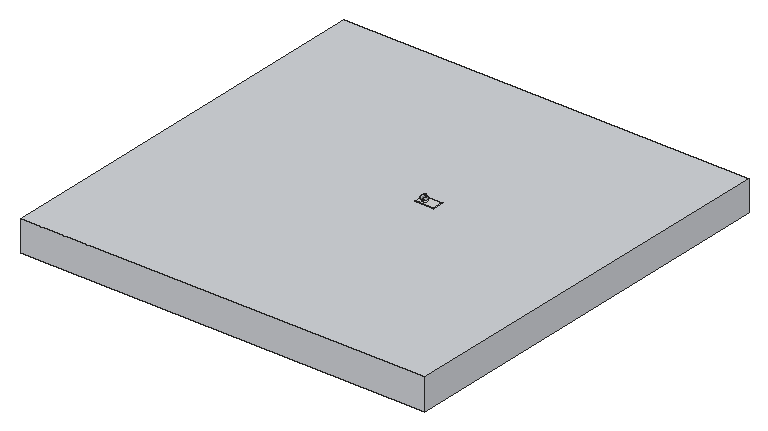
Revit family "HL_Стиральная устройство_HL405ECO", category Instalační zařizovací předměty, Revit 2016
Family settings
  Hostitel = Plocha
  Typ součásti = Normální
  Kóta kulaté spojky = Použít průměr
  Číslo OmniClass = 23.70.50.21.37
  Nadpis OmniClass = Valves for Removal Systems
  Ořezat dutým tvarem při načtení = Ne
  Sdílené = Ano
  Bod výpočtu místnosti = Ne
Parameters (values of type "HL405ECO")
  РАЗМЕР = "DN40/50"
  ПРОПУСКНАЯ СПОСОБНОСТЬ [instance] = 0 L/s
  ПРОИЗВОДИТЕЛЬНОСТЬ = "0,38 l/s"
  ПРАВОВАЯ ИНФОРМАЦИЯ = "Авторские права(©), права на дизайн или какие либо другие права интелектуальной собственности являются исключительной собственностью компании HL Hutterer & Lechner. Изменению не подлежит. Файл семейства с данными о прозводителе изделия защищен паролем с водяным знаком."  # constant formula
  НОМИНАЛЬНЫЙ ДИАМЕТР [instance] = 50 mm
  МАТЕРИАЛ = "PE/ V2A"
  ГЛУБИНА МОНТАЖА = "70-120 mm"
  ВЕС = "0,44 [kg]"
  Výrobce = "HL Hutterer & Lechner GmbH"  # constant formula
  URL = "http://www.hutterer-lechner.com/ru/Products/catalog/washing-devices/products/HL405ECO.aspx"
  Výchozí výška = 600 mm
  Popis = "Стиральная устройство"
  Model = "HL405ECO"
  Komentáře k typům = "Встроенный сифон для стиральной и посудомоечной машины DN40/50 со строительными пробками-заглушками HL42.В, со специальной монтажной плитой для укрепления деталей для водоснобжения,с соединительным коленом 3/4\" HL19.C и с декоративной плитой из нержавеющей стали 110 х 190 мм. Глубина монтажа: 70мм. Строительная защита во время монтажа в комплекте."
  Keynote = "HL405ECO"
  глубина монтажа [instance] = 120 mm
  EAN = "9003076015672"
  E [instance] = НОМИНАЛЬНЫЙ ДИАМЕТР = 50 mm  # yes
  D [instance] = if(or(глубина монтажа < 70 mm, глубина монтажа > 120 mm), 0 mm, 55 mm)  # 55 mm
  C [instance] = if(or(НОМИНАЛЬНЫЙ ДИАМЕТР = 50 mm, НОМИНАЛЬНЫЙ ДИАМЕТР = 40 mm), 50 mm, 0 mm)  # 50 mm
  B [instance] = if(НОМИНАЛЬНЫЙ ДИАМЕТР = 50 mm, 0 mm, 5 mm)  # 0 mm
  A [instance] = if(НОМИНАЛЬНЫЙ ДИАМЕТР = 50 mm, 190 mm, 140 mm)  # 190 mm
Types (2, lengths in mm): name | URL | Popis | Komentáře k typům
  (no name) | "http://www.hutterer-lechner.com/en/Products/catalog/washing-devices/attachments/HL405ECO.aspx" | "Washing devices" | "Recessed washing device trap DN40/50 with special mounting plate for the use of different water feeds of leading suppliers, appliance hose connector 3/4' chrome plated HL19.C and stainless steel coverplate 110 x 190 mm. Minimum installation depth 70 mm. Comes with thread cover."
  HL405ECO | "http://www.hutterer-lechner.com/ru/Products/catalog/washing-devices/products/HL405ECO.aspx" | "Стиральная устройство" | "Встроенный сифон для стиральной и посудомоечной машины DN40/50 со строительными пробками-заглушками HL42.В, со специальной монтажной плитой для укрепления деталей для водоснобжения,с соединительным коленом 3/4\" HL19.C и с декоративной плитой из нержавеющей стали 110 х 190 мм. Глубина монтажа: 70мм. Строительная защита во время монтажа в комплекте."
Reference planes
  plane 1 "Center (Front/Back)": y = 0.876
  plane 2: z = 0
  plane 3 "Center (Left/Right)": x = 0.872
  plane 4 "PP": z = -87.504
  plane 5 "IH": z = -120
Forms (mm)
  Extrusion 1, solid
    sketch origin (-264.332, -171.703, 0) x (1, 0, 0) y (0, 1, 0)
      loop
        line (-2000, 2000) -> (-2000, -2000) -> (2000, -2000) -> (2000, 2000) -> (-2000, 2000)
    from 0 to -304.8
  Extrusion 2, solid, material "Plactic - Black", detail levels fine
    sketch origin (0, 0, -120) x (0, 1, 0) y (-1, 0, 0)
      loop
        arc (-10.58, -38.677) -> (40.382, -5.977) -> (0.928, 39.954) r 40.122
        line (0.928, 39.954) -> (-71.092, 39.954)
        arc (-71.092, 39.954) -> (-80.089, 36.68) -> (-84.876, 28.388) r 13.996
        line (-84.876, 28.388) -> (-87.332, 14.457) -> (-87.332, -22.206)
        arc (-87.332, -22.206) -> (-86.514, -24.456) -> (-84.44, -25.653) r 3.5
        line (-84.44, -25.653) -> (-10.58, -38.677)
    from 12.5 to 57.5
  Extrusion 3, solid, material "Plactic - Black", detail levels fine
    sketch origin (0, 0, -120) x (0, 1, 0) y (-1, 0, 0)
      loop
        arc (28.38, 108.461) -> (26.915, 111.997) -> (23.38, 113.461) r 5
        line (23.38, 113.461) -> (-23.62, 113.461)
        arc (-23.62, 113.461) -> (-27.156, 111.997) -> (-28.62, 108.461) r 5
        line (-28.62, 108.461) -> (-28.62, 51.225)
        arc (-28.62, 51.225) -> (-29.07, 49.159) -> (-30.339, 47.468) r 4.965
        arc (-30.339, 47.468) -> (-56.917, 7.097) -> (-43.694, -39.393) r 58.014
        line (-43.694, -39.393) -> (-55.119, -82.04) -> (-55.121, -107.04)
        arc (-55.121, -107.04) -> (-54.242, -109.161) -> (-52.121, -110.04) r 3
        line (-52.121, -110.04) -> (51.879, -110.04)
        arc (51.879, -110.04) -> (54, -109.161) -> (54.879, -107.04) r 3
        line (54.879, -107.04) -> (54.877, -82.04) -> (43.452, -39.393)
        arc (43.452, -39.393) -> (56.868, 6.157) -> (31.707, 46.427) r 57.908
        arc (31.707, 46.427) -> (29.293, 48.306) -> (28.38, 51.225) r 5.123
        line (28.38, 51.225) -> (28.38, 108.461)
    from 0 to 12.5
  Revolve 4, solid, material "Plactic - Black", visible <- "E", detail levels fine
    sketch origin (0, 0.381, -87.504) x (-1, 0, 0) y (0, -1, 0)
      loop
        line (-25.714, 189.505) -> (-25.714, 139.505) -> (-0.872, 139.505) -> (-0.872, 189.505) -> (-25.714, 189.505)
      axis (-0.872, 189.505) -> (-0.872, 139.505)
    angle from 0 to 360
  Revolve 5, solid, material "Plactic - Black", detail levels fine
    sketch origin (0, 0, -87.504) x (-1, 0, 0) y (0, -1, 0)
      loop
        line (-25.714, 139.124) -> (-25.714, 84.124) -> (-5.872, 84.124) -> (-5.872, 139.124) -> (-25.714, 139.124)
      axis (-5.872, 139.124) -> (-5.872, 84.124)
    angle from 0 to 360
  Extrusion 6, solid, material "Plactic - Black", detail levels fine
    sketch origin (0, 0, -120) x (0, 1, 0) y (-1, 0, 0)
      loop
        circle (-53.223, 6.635) r 17
    from 57.5 to 67.5
  Extrusion 7, solid, material "Plactic - Black", detail levels fine
    sketch origin (0, 0, 0) x (1, 0, 0) y (0, 1, 0)
      loop
        circle (0.872, 0.876) r 17
    from -62.5 to 0
  Blend 8, solid, material "Metal - steel", detail levels fine
    base sketch origin (0, 0, 0) x (1, 0, 0) y (0, 1, 0)
      loop
        line (-54.128, 55.876) -> (-54.128, -54.124) -> (135.872, -54.124) -> (135.872, 55.876) -> (-54.128, 55.876)
    top sketch origin (0, 0, 0) x (1, 0, 0) y (0, 1, 0)
      loop
        line (-48.127, 49.877) -> (-48.127, -48.123) -> (129.873, -48.123) -> (129.873, 49.877) -> (-48.127, 49.877)
    from 0 to 5
  Revolve 9, solid, material "Plactic - White", detail levels fine
    sketch origin (0.872, 0.877, -29) x (0, 0, -1) y (0, 1, 0)
      loop
        line (-52, 0) -> (-52, -15.004) -> (-42, -15.004) -> (-42, -24.074) -> (-34, -24.074) -> (-34, 0) -> (-52, 0)
      axis (-52, 0) -> (-34, 0)
    angle from 0 to 360
Cuts and joins
  joined: Extrusion 2, Revolve 5
Lines and regions (mm)
  reference lines
    curve 1: line (0.872, -189.124, -87.504) -> (0.872, 0.876, -87.504)
  model lines, style "Logo", detail levels fine
    curve 2: line (111.356, -38.057, 5) -> (111.356, -45.057, 5)
    curve 3: line (111.356, -41.557, 5) -> (115.79, -41.557, 5)
    curve 4: line (115.79, -38.057, 5) -> (115.79, -45.057, 5)
    curve 5: line (118.183, -38.057, 5) -> (118.183, -45.057, 5)
    curve 6: line (118.183, -45.057, 5) -> (122.286, -45.057, 5)
  model lines, detail levels coarse+medium
    curve 7: line (0.872, -189.124, -87.504) -> (0.872, 0.876, -87.504)
    curve 8: line (0.872, 0.876, -87.504) -> (0.872, 0.876, 45.1)
    curve 9: line (0.872, 0.876, 45.1) -> (0.872, -56.626, 45.1)
  symbolic lines, style "PlumbingFixtures", detail levels coarse+medium
    curve 10: line (0.872, 0.876, 0) -> (0.872, 0.876, 105)
    curve 11: line (40.872, 0.876, 65) -> (-39.128, 0.876, 65)
Dimensions and locks
  locked: plane 5 "IH" to plane 4 "PP" at 32.496
  "глубина монтажа": plane 2 to plane 5 "IH"
  "D": Revolve 5 sketch curve to Revolve 5 sketch curve
  "C": Revolve 4 sketch curve to Revolve 4 sketch curve
  "A": curve 1 to plane 1 "Center (Front/Back)"
  "B": plane 3 "Center (Left/Right)" to curve 1
  aligned and locked: Extrusion 1 to plane 2
  aligned and locked: level to Extrusion 1
  aligned and locked: plane 2 to Extrusion 7
  aligned and locked: Extrusion 7 to Extrusion 6
Automatic sketch dimensions
  Extrusion 1 sketch curve to Extrusion 1 sketch curve = 4000 mm  (x2)
  plane 1 "Center (Front/Back)" to Extrusion 3 sketch curve = 55.997 mm
  Extrusion 3 sketch curve to Extrusion 3 sketch curve = 0.002 mm
  Extrusion 3 sketch curve to Extrusion 3 sketch curve = 3 mm  (x2)
  Extrusion 3 sketch curve to Extrusion 3 sketch curve = 11.425 mm
  plane 1 "Center (Front/Back)" to Extrusion 3 sketch curve = 34.462 mm
  Extrusion 3 sketch curve to Extrusion 3 sketch curve = 4.965 mm
  Extrusion 3 sketch curve to Extrusion 3 sketch curve = 5 mm
  Extrusion 3 sketch curve to Extrusion 3 sketch curve = 0 mm  (x5)
  plane 1 "Center (Front/Back)" to Extrusion 3 sketch curve = 1.382 mm
  plane 1 "Center (Front/Back)" to Extrusion 3 sketch curve = 0.454 mm
  Extrusion 3 sketch curve to plane 1 "Center (Front/Back)" = 22.503 mm
  Extrusion 3 sketch curve to plane 1 "Center (Front/Back)" = 27.503 mm
  Extrusion 3 sketch curve to Extrusion 3 sketch curve = 5.123 mm
  Extrusion 3 sketch curve to plane 1 "Center (Front/Back)" = 42.576 mm
  Extrusion 3 sketch curve to plane 1 "Center (Front/Back)" = 51.003 mm
  Extrusion 3 sketch curve to Extrusion 3 sketch curve = 2.998 mm
  plane 3 "Center (Left/Right)" to Extrusion 3 sketch curve = 109.167 mm
  Extrusion 3 sketch curve to Extrusion 3 sketch curve = 25 mm  (x2)
  plane 3 "Center (Left/Right)" to Extrusion 3 sketch curve = 38.52 mm  (x2)
  plane 3 "Center (Left/Right)" to Extrusion 3 sketch curve = 0.846 mm
  plane 3 "Center (Left/Right)" to Extrusion 3 sketch curve = 0.823 mm
  Extrusion 3 sketch curve to plane 3 "Center (Left/Right)" = 52.097 mm  (x2)
  Extrusion 3 sketch curve to Extrusion 3 sketch curve = 57.236 mm
  Extrusion 6 sketch curve to plane 3 "Center (Left/Right)" = 7.507 mm
  plane 1 "Center (Front/Back)" to Extrusion 6 sketch curve = 54.1 mm
  plane 3 "Center (Left/Right)" to Extrusion 2 sketch curve = 21.334 mm
  plane 1 "Center (Front/Back)" to Extrusion 2 sketch curve = 88.209 mm
  Extrusion 2 sketch curve to plane 3 "Center (Left/Right)" = 29.261 mm
  Extrusion 2 sketch curve to Extrusion 2 sketch curve = 2.456 mm
  plane 3 "Center (Left/Right)" to Extrusion 2 sketch curve = 24.781 mm
  Extrusion 2 sketch curve to Extrusion 2 sketch curve = 2.892 mm
  Extrusion 2 sketch curve to Extrusion 2 sketch curve = 3.5 mm
  Extrusion 2 sketch curve to Extrusion 2 sketch curve = 13.784 mm
  plane 1 "Center (Front/Back)" to Extrusion 2 sketch curve = 11.456 mm
  plane 1 "Center (Front/Back)" to Extrusion 2 sketch curve = 0.194 mm
  Extrusion 2 sketch curve to plane 1 "Center (Front/Back)" = 0.051 mm
  plane 3 "Center (Left/Right)" to Extrusion 2 sketch curve = 37.804 mm
  Extrusion 2 sketch curve to plane 3 "Center (Left/Right)" = 0.705 mm
  Extrusion 2 sketch curve to Extrusion 2 sketch curve = 13.931 mm
  plane 1 "Center (Front/Back)" to Extrusion 7 sketch curve = 0 mm
  Extrusion 7 sketch curve to plane 3 "Center (Left/Right)" = 0 mm
  Blend 8 sketch curve to plane 3 "Center (Left/Right)" = 55 mm
  plane 1 "Center (Front/Back)" to Blend 8 sketch curve = 55 mm
  plane 3 "Center (Left/Right)" to Blend 8 sketch curve = 135 mm
  Blend 8 sketch curve to plane 1 "Center (Front/Back)" = 55 mm
  Blend 8 sketch curve to plane 3 "Center (Left/Right)" = 49 mm
  plane 1 "Center (Front/Back)" to Blend 8 sketch curve = 49 mm
  plane 3 "Center (Left/Right)" to Blend 8 sketch curve = 129 mm
  Blend 8 sketch curve to plane 1 "Center (Front/Back)" = 49 mm
  plane 1 "Center (Front/Back)" to curve 2 = 45.933 mm
  plane 3 "Center (Left/Right)" to curve 2 = 110.483 mm
  curve 3 to curve 3 = 4.434 mm
  curve 4 to curve 5 = 2.393 mm
  curve 5 to curve 6 = 4.103 mm
  curve 2 to curve 4 = 0 mm
  curve 4 to curve 6 = 0 mm
  curve 4 to curve 3 = 3.5 mm
  curve 3 to curve 5 = 3.5 mm
  curve 3 to curve 2 = 3.5 mm
  curve 4 to curve 5 = 0 mm
  plane 4 "PP" to curve 7 = 0 mm
  curve 8 to plane 1 "Center (Front/Back)" = 0 mm
  plane 1 "Center (Front/Back)" to curve 9 = 0 mm
  curve 9 to curve 8 = 57.502 mm
  curve 7 to curve 9 = 132.498 mm
  level to curve 9 = 45.1 mm
  level to Revolve 9 sketch curve = 23 mm
  Revolve 9 sketch curve to Revolve 9 sketch curve = 10 mm
  Revolve 9 sketch curve to plane 1 "Center (Front/Back)" = 0 mm  (x2)
  level to Revolve 9 sketch curve = 5 mm
  Revolve 9 sketch curve to Revolve 9 sketch curve = 15.004 mm
  Revolve 9 sketch curve to Revolve 9 sketch curve = 9.069 mm
  Revolve 9 sketch curve to Revolve 9 sketch curve = 12.238 mm
  level to Revolve 9 sketch curve = 0.6 mm
  curve 10 to level = 0 mm
  curve 11 to plane 3 "Center (Left/Right)" = 40 mm
  curve 10 to plane 3 "Center (Left/Right)" = 0 mm
  plane 3 "Center (Left/Right)" to curve 11 = 40 mm
  level to curve 11 = 65 mm
  curve 11 to curve 10 = 40 mm
  Revolve 4 sketch curve to plane 3 "Center (Left/Right)" = 0 mm  (x2)
  Revolve 4 sketch curve to Revolve 4 sketch curve = 24.841 mm
  plane 1 "Center (Front/Back)" to Revolve 4 sketch curve = 140 mm
  Revolve 4 sketch curve to Revolve 4 sketch curve = 20.889 mm
  Revolve 4 sketch curve to Revolve 4 sketch curve = 6.619 mm
  plane 3 "Center (Left/Right)" to Revolve 5 sketch curve = 24.841 mm
  plane 3 "Center (Left/Right)" to Revolve 5 sketch curve = 5 mm
  plane 1 "Center (Front/Back)" to Revolve 5 sketch curve = 85 mm
  Revolve 5 sketch curve to Revolve 5 sketch curve = 0 mm
  Revolve 5 sketch curve to Revolve 5 sketch curve = 20.83 mm
  Revolve 5 sketch curve to Revolve 5 sketch curve = 2 mm
  plane 1 "Center (Front/Back)" to curve 1 = 0 mm
  radius of Extrusion 6 sketch curve = 17 mm
  radius of Extrusion 7 sketch curve = 17 mm
Nested families
  nested 1: "HL_Соединительное колено_HL19.C" at (0.872, 0.674, 23), type "HL19.C_Main Component", detail levels fine
Connectors
  piping at (0.872, -189.124, -87.504), diameter 50, driven by "ПРОПУСКНАЯ СПОСОБНОСТЬ", driven by "НОМИНАЛЬНЫЙ ДИАМЕТР"
    settings: on curve 1, index 1, connector inside diameter 609.6 mm, connector length 0 mm, flow factor 0, pipe flow 0 L/s, pressure drop 0.00 Pa, fitting loss kfactor 0, connector angle 0.00°, fixture units 0, engagement length 0 mm, angle of deflection 0.00°, flow configuration 1, flow direction 2, fitting loss method 0, system type 16, joint type 0, gender type 0, connector reference index -1, connector utility 0, adjustable connector yes, is connector primary yes, connector description ""
Definition of nested family "HL_Соединительное колено_HL19.C"
  Parameters (values of type "HL19.C")
    РАЗМЕР = "1\" x 3/4\""
    ПРОПУСКНАЯ СПОСОБНОСТЬ = 0 L/s
    ПРАВОВАЯ ИНФОРМАЦИЯ = "Авторские права(©), права на дизайн или какие либо другие права интелектуальной собственности являются исключительной собственностью компании HL Hutterer & Lechner. Изменению не подлежит. Файл семейства с данными о прозводителе изделия защищен паролем с водяным знаком."  # constant formula
    НОМИНАЛЬНЫЙ ДИАМЕТР = 25 mm
    МАТЕРИАЛ = "ABS"
    ВЕС = "0,02 [kg]"
    Manufacturer = "HL Hutterer & Lechner GmbH"  # constant formula
    URL = "http://www.hutterer-lechner.com/ru/Products/catalog/washing-devices/products/HL19.C.aspx"
    Description = "Стиральная устройство"
    Model = "HL19.C"
    Type Comments = "Соединительное колено для стиральной или посудомоечной машины 1\" х подсоединение шланга 3/4\" (d 17 - 23 мм) хромированное"
    Keynote = "HL19.C"
    EAN = "9003076190041"
  Values of the unnamed type that differ from the named types
    URL = "http://www.hutterer-lechner.com/en/Products/catalog/washing-devices/attachments/HL19.C.aspx"
    Description = "Washing devices"
    Type Comments = "Appliance hose connector 1' x 3/4' chrome plated with O-ring"
  Reference planes
    plane 1 "Center (Front/Back)": y = 0
    plane 2: z = 0
    plane 3 "Center (Left/Right)": x = 0
  Forms (mm)
    Revolve 1, solid
      sketch origin (0, 0, -53.5) x (0, 0, -1) y (0, 1, 0)
        loop
          line (-95.35, -23.5) -> (-92.114, -57.3) -> (-83.6, -57.3) -> (-83.6, -23.5) -> (-95.35, -23.5)
        axis (-83.6, -23.5) -> (-83.6, -57.3)
      angle from 0 to 360
    Revolve 2, solid
      sketch origin (0, 0, -53.5) x (0, 0, -1) y (0, 1, 0)
        loop
          line (-61, -18.4) -> (-46, -18.4) -> (-46, -20.15) -> (-43.5, -20.15) -> (-43.5, 0) -> (-61, 0) -> (-61, -18.4)
        axis (-61, 0) -> (-43.5, 0)
      angle from 0 to 360
    Sweep 3, solid
      path origin (0, 0, -10) x (0, 1, 0) y (0, 0, 1)
        loop
          line (0, 17.5) -> (0, 30.6)
          arc (0, 30.6) -> (-2.782, 37.318) -> (-9.5, 40.1) r 9.5
          line (-9.5, 40.1) -> (-23.5, 40.1)
      profile origin (0, 0, 14.05) x (0, -1, 0) y (1, 0, 0)
        loop
          circle (0, 0) r 9.4
  Dimensions and locks
    aligned and locked: level to plane 2
